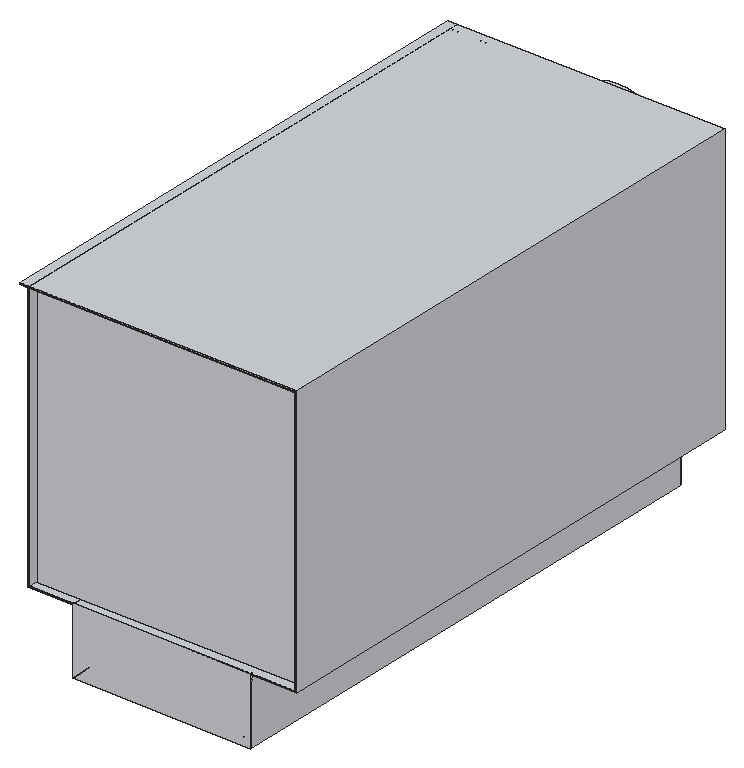
Revit family "Plenum (P-N, P-L) (Arrangement H) (Oval Inlet)", category Mechanical Equipment, Revit 2015
Parameters
  Width = 0' - 8"
  URL = "https://unitedenertech.com/catalog/pdf/I_2%20Model%20P-N,%20P-L,%20P-EX,%20P-N-SL,%20P-L-SL,%20P-EX-SL.pdf"
  Type Comments = "Consult Factory for Max. Sizes"
  P-L (Insulation Option) = yes
  Model = "P-N / P-L (Arrangement H) (Oval Inlet)"
  Manufacturer = "United Enertech Corporation"
  Major Axis = 0' - 8"
  Length = 2' - 0"
  Keynote = "Model Shown without Damper Option. Consult Factory for Models with Dampers."
  Minor Axis = 0' - 4"
  Hem Option = yes
  Height = 1' - 3"
  Description = "Plenum for Diffusers"
  C-C [instance] = Major Axis - Minor Axis  # 0' - 4"
  B = 0' - 2"
  A = 0' - 3"
Reference planes (in)
  plane 1 "Center (Front/Back)": y = 0
  plane 2: z = 0
  plane 3 "Center (Left/Right)": x = 0
  plane 4: x = 12
  plane 5: x = 0.035
  plane 6: x = 11.965
  plane 7: z = 15
  plane 8: z = 14.965
  plane 9: z = 14.93
  plane 10: z = 14
  plane 11: z = 3
  plane 12: z = 6
  plane 13: z = 10
  plane 14: y = 12
  plane 15: y = -12
  plane 16: y = -11.965
  plane 17: y = 11.965
  plane 18: x = -0.375
  plane 19: y = 11.59
  plane 20: y = 11.55484
  plane 21: y = -11.59
  plane 22: y = -11.55484
  plane 23: z = 2.96484
  plane 24: x = 0.07016
  plane 25: x = 11.92984
  plane 26: y = 11.05484
  plane 27: x = 0.57016
  plane 28: x = 11.42984
  plane 29: y = -11.05484
  plane 30: z = 14.43
  plane 31: x = 6
  plane 32: x = 2
  plane 33: x = 10
  plane 34: z = 2.92969
  plane 35: x = 2.03516
  plane 36: x = 9.96484
  plane 37: z = 5.96484
  plane 38: z = 14.03516
  plane 39: z = 12
  plane 40: z = 8
  plane 41: x = 4
  plane 42: x = 8
  plane 43: x = 3.96484
  plane 44: x = 8.03516
  plane 45: y = 13.5
Forms (in)
  Extrusion 1, solid
    sketch origin (0, 0, 0) x (1, 0, 0) y (0, 0, 1)
      loop
        line (-0.375, 15) -> (-0.375, 14.965) -> (11.965, 14.965) -> (11.965, 2.96484) -> (9.96484, 2.96484) -> (9.96484, 0) -> (10, 0) -> (10, 2.92969) -> (12, 2.92969) -> (12, 15) -> (-0.375, 15)
    from -11.965 to 11.965
  Extrusion 2, solid
    sketch origin (0, 0, 0) x (1, 0, 0) y (0, 0, 1)
      loop
        line (-0.375, 14.965) -> (-0.375, 14.93) -> (0, 14.93) -> (0, 2.92969) -> (2, 2.92969) -> (2, 0) -> (2.03516, 0) -> (2.03516, 2.96484) -> (0.035, 2.96484) -> (0.035, 14.965) -> (-0.375, 14.965)
    from -11.965 to 11.965
  Extrusion 3, solid
    sketch origin (0, 0, 0) x (0, 1, 0) y (0, 0, 1)
      loop
        line (11.965, 14.965) -> (11.55484, 14.965) -> (11.55484, 2.96484) -> (12, 2.96484) -> (12, 3) -> (11.59, 3) -> (11.59, 14.93) -> (11.965, 14.93) -> (11.965, 14.965)
    from 0.035 to 11.965
  Extrusion 4, solid
    sketch origin (0, 0, 0) x (0, 1, 0) y (0, 0, 1)
      loop
        line (-11.965, 14.965) -> (-11.965, 14.93) -> (-11.59, 14.93) -> (-11.59, 3) -> (-12, 3) -> (-12, 2.96484) -> (-11.55484, 2.96484) -> (-11.55484, 14.965) -> (-11.965, 14.965)
    from 0.035 to 11.965
  Extrusion 5, solid
    sketch origin (0, 0, 0) x (1, 0, 0) y (0, 0, 1)
      loop
        line (0.035, 3) -> (0.07016, 3) -> (0.07016, 14.93) -> (0.035, 14.93) -> (0.035, 3)
    from 11.59 to 11.965
  Extrusion 6, solid
    sketch origin (0, 0, 0) x (1, 0, 0) y (0, 0, 1)
      loop
        line (0.035, 3) -> (0.07016, 3) -> (0.07016, 14.93) -> (0.035, 14.93) -> (0.035, 3)
    from -11.965 to -11.59
  Extrusion 7, solid
    sketch origin (0, 0, 0) x (1, 0, 0) y (0, 0, 1)
      loop
        line (11.92984, 3) -> (11.965, 3) -> (11.965, 14.93) -> (11.92984, 14.93) -> (11.92984, 3)
    from 11.59 to 11.965
  Extrusion 8, solid
    sketch origin (0, 0, 0) x (1, 0, 0) y (0, 0, 1)
      loop
        line (11.92984, 3) -> (11.965, 3) -> (11.965, 14.93) -> (11.92984, 14.93) -> (11.92984, 3)
    from -11.965 to -11.59
  Extrusion 9, solid, material "Rigid insulation", visible <- "P-L (Insulation Option)"
    sketch origin (0, 0, 0) x (1, 0, 0) y (0, 0, 1)
      loop
        line (0.07016, 14.43) -> (11.92984, 14.43) -> (11.92984, 14.93) -> (0.07016, 14.93) -> (0.07016, 14.43)
    from -11.55484 to 11.55484
  Extrusion 10, solid, material "Rigid insulation", visible <- "P-L (Insulation Option)"
    sketch origin (0, 0, 0) x (1, 0, 0) y (0, 1, 0)
      loop
        line (0.57016, -11.05484) -> (11.42984, -11.05484) -> (11.42984, 11.05484) -> (0.57016, 11.05484) -> (0.57016, -11.05484)
      loop
        line (0.07016, -11.55484) -> (11.92984, -11.55484) -> (11.92984, 11.55484) -> (0.07016, 11.55484) -> (0.07016, -11.55484)
    from 3 to 14.43
  Extrusion 11, solid, visible <- "Hem Option"
    sketch origin (0, 0, 0) x (1, 0, 0) y (0, 0, 1)
      loop
        line (2.03516, 0) -> (2.74226, 0.70711) -> (2.7174, 0.73197) -> (2.03516, 0.04972) -> (2.03516, 0)
    from -11.965 to 11.965
  Extrusion 12, solid, visible <- "Hem Option"
    sketch origin (0, 0, 0) x (1, 0, 0) y (0, 0, 1)
      loop
        line (9.96484, 0) -> (9.96484, 0.04972) -> (9.2826, 0.73197) -> (9.25774, 0.70711) -> (9.96484, 0)
    from -11.965 to 11.965
  Extrusion 13, solid
    sketch origin (0, 0, 0) x (0, 1, 0) y (0, 0, 1)
      loop
        line (12, 3) -> (11.965, 3) -> (11.965, 0) -> (12, 0) -> (12, 3)
    from 2 to 10
  Extrusion 14, solid
    sketch origin (0, 0, 0) x (0, 1, 0) y (0, 0, 1)
      loop
        line (-11.965, 3) -> (-12, 3) -> (-12, 0) -> (-11.965, 0) -> (-11.965, 3)
    from 2 to 10
  Extrusion 15, void
    sketch origin (0, 0, 0) x (1, 0, 0) y (0, 0, 1)
      loop
        arc (4, 8) -> (6, 6) -> (8, 8) r 2
        line (8, 8) -> (8, 12)
        arc (8, 12) -> (6, 14) -> (4, 12) r 2
        line (4, 12) -> (4, 8)
    from -11.05484 to -13.5
  Extrusion 16, solid
    sketch origin (0, 0, 0) x (1, 0, 0) y (0, 0, 1)
      loop
        line (8, 8) -> (8, 12)
        arc (8, 12) -> (6, 14) -> (4, 12) r 2
        line (4, 12) -> (4, 8)
        arc (4, 8) -> (6, 6) -> (8, 8) r 2
      loop
        arc (8.03516, 12) -> (6, 14.03516) -> (3.96484, 12) r 2.03516
        line (3.96484, 12) -> (3.96484, 8)
        arc (3.96484, 8) -> (6, 5.96484) -> (8.03516, 8) r 2.03516
        line (8.03516, 8) -> (8.03516, 12)
    from -13.5 to -11.59
Cuts and joins
  Extrusion 15 cuts Extrusion 3
  Extrusion 15 cuts Extrusion 10
Dimensions and locks (in)
  locked: plane 3 "Center (Left/Right)" to plane 5 at 0.035
  locked: plane 6 to plane 4 at 0.035
  locked: plane 7 to plane 8 at 0.035
  locked: plane 8 to plane 9 at 0.035
  locked: plane 7 to plane 10 at 1
  "Height": plane 7 to level
  "A": plane 11 to level
  equal spacing: plane 10, plane 13, plane 12
  "Major Axis": plane 10 to plane 12
  equal spacing: plane 14, plane 1 "Center (Front/Back)", plane 15
  "Length": plane 14 to plane 15
  locked: plane 16 to plane 15 at 0.035
  locked: plane 17 to plane 14 at 0.035
  locked: plane 3 "Center (Left/Right)" to plane 18 at 0.375
  locked: plane 17 to plane 19 at 0.375
  locked: plane 19 to plane 20 at 0.03516
  locked: plane 21 to plane 16 at 0.375
  locked: plane 22 to plane 21 at 0.03516
  locked: plane 11 to plane 23 at 0.03516
  locked: plane 24 to plane 5 at 0.03516
  locked: plane 25 to plane 6 at 0.03516
  locked: plane 20 to plane 26 at 0.5
  locked: plane 24 to plane 27 at 0.5
  locked: plane 28 to plane 25 at 0.5
  locked: plane 29 to plane 22 at 0.5
  locked: plane 9 to plane 30 at 0.5
  locked: Extrusion 11 sketch curve to Extrusion 11 sketch curve at 1
  locked: Extrusion 12 sketch curve to Extrusion 12 sketch curve at 1
  equal spacing: plane 4, plane 31, plane 3 "Center (Left/Right)"
  equal spacing: plane 33, plane 31, plane 32
  "Width": plane 33 to plane 32
  "B": plane 32 to plane 3 "Center (Left/Right)"
  locked: plane 23 to plane 34 at 0.03516
  locked: plane 35 to plane 32 at 0.03516
  locked: plane 33 to plane 36 at 0.03516
  locked: plane 38 to plane 10 at 0.03516
  locked: plane 12 to plane 37 at 0.03516
  equal spacing: plane 39, plane 13, plane 40
  "C-C": plane 39 to plane 40
  equal spacing: plane 41, plane 31, plane 42
  "Minor Axis": plane 41 to plane 42
  locked: plane 41 to plane 43 at 0.03516
  locked: plane 44 to plane 42 at 0.03516
  locked: plane 45 to plane 14 at 1.5
  locked: level to Extrusion 11 sketch curve (angle 45.00°)
  locked: Extrusion 12 sketch curve to level (angle 45.00°)
  aligned and locked: level to plane 2
  aligned and locked: plane 18 to Extrusion 1 sketch curve
  aligned and locked: Extrusion 1 sketch curve to plane 7
  aligned and locked: plane 4 to Extrusion 1 sketch curve
  aligned and locked: Extrusion 1 sketch curve to plane 6
  aligned and locked: plane 8 to Extrusion 1 sketch curve
  aligned and locked: Extrusion 1 to plane 17
  aligned and locked: Extrusion 1 to plane 16
  aligned and locked: Extrusion 2 sketch curve to plane 8
  aligned and locked: plane 18 to Extrusion 2 sketch curve
  aligned and locked: plane 9 to Extrusion 2 sketch curve
  aligned and locked: Extrusion 2 sketch curve to plane 5
  aligned and locked: plane 3 "Center (Left/Right)" to Extrusion 2 sketch curve
  aligned and locked: Extrusion 2 to plane 16
  aligned and locked: Extrusion 2 to plane 17
  aligned and locked: Extrusion 3 sketch curve to plane 8
  aligned and locked: plane 17 to Extrusion 3 sketch curve
  aligned and locked: plane 9 to Extrusion 3 sketch curve
  aligned and locked: Extrusion 3 sketch curve to plane 14
  aligned and locked: plane 23 to Extrusion 3 sketch curve
  aligned and locked: Extrusion 3 sketch curve to plane 11
  aligned and locked: plane 19 to Extrusion 3 sketch curve
  aligned and locked: Extrusion 3 sketch curve to plane 20
  aligned and locked: Extrusion 3 to plane 5
  aligned and locked: Extrusion 3 to plane 6
  aligned and locked: plane 8 to Extrusion 4 sketch curve
  aligned and locked: Extrusion 4 sketch curve to plane 16
  aligned and locked: Extrusion 4 sketch curve to plane 9
  aligned and locked: Extrusion 4 sketch curve to plane 15
  aligned and locked: Extrusion 4 sketch curve to plane 23
  aligned and locked: plane 11 to Extrusion 4 sketch curve
  aligned and locked: Extrusion 4 sketch curve to plane 21
  aligned and locked: Extrusion 4 sketch curve to plane 22
  aligned and locked: Extrusion 4 to plane 5
  aligned and locked: Extrusion 4 to plane 6
  aligned and locked: plane 9 to Extrusion 5 sketch curve
  aligned and locked: Extrusion 5 sketch curve to plane 5
  aligned and locked: plane 24 to Extrusion 5 sketch curve
  aligned and locked: Extrusion 5 sketch curve to plane 11
  aligned and locked: Extrusion 6 to plane 17
  aligned and locked: plane 19 to Extrusion 6
  aligned and locked: Extrusion 5 to plane 21
  aligned and locked: Extrusion 5 to plane 16
  aligned and locked: Extrusion 7 sketch curve to plane 11
  aligned and locked: Extrusion 7 sketch curve to plane 6
  aligned and locked: Extrusion 7 sketch curve to plane 25
  aligned and locked: plane 9 to Extrusion 7 sketch curve
  aligned and locked: Extrusion 8 to plane 17
  aligned and locked: plane 19 to Extrusion 8
  aligned and locked: Extrusion 7 to plane 16
  aligned and locked: Extrusion 7 to plane 21
  aligned and locked: plane 9 to Extrusion 9 sketch curve
  aligned and locked: plane 25 to Extrusion 9 sketch curve
  aligned and locked: Extrusion 9 sketch curve to plane 24
  aligned and locked: Extrusion 9 sketch curve to plane 30
  aligned and locked: Extrusion 9 to plane 22
  aligned and locked: Extrusion 9 to plane 20
  aligned and locked: Extrusion 10 sketch curve to plane 24
  aligned and locked: Extrusion 10 sketch curve to plane 20
  aligned and locked: plane 25 to Extrusion 10 sketch curve
  aligned and locked: Extrusion 10 sketch curve to plane 22
  aligned and locked: Extrusion 10 sketch curve to plane 29
  aligned and locked: Extrusion 10 sketch curve to plane 27
  aligned and locked: plane 28 to Extrusion 10 sketch curve
  aligned and locked: plane 26 to Extrusion 10 sketch curve
  aligned and locked: Extrusion 10 to plane 11
  aligned and locked: plane 30 to Extrusion 10
  aligned and locked: level to Extrusion 11 sketch curve
  aligned and locked: Extrusion 11 to plane 16
  aligned and locked: Extrusion 11 to plane 17
  aligned and locked: level to Extrusion 12 sketch curve
  aligned and locked: Extrusion 12 to plane 17
  aligned and locked: Extrusion 12 to plane 16
  aligned and locked: plane 23 to Extrusion 2 sketch curve
  aligned and locked: Extrusion 2 sketch curve to plane 34
  aligned and locked: Extrusion 2 sketch curve to plane 32
  aligned and locked: Extrusion 2 sketch curve to level
  aligned and locked: Extrusion 2 sketch curve to plane 35
  aligned and locked: Extrusion 11 sketch curve to plane 35
  aligned and locked: plane 36 to Extrusion 12 sketch curve
  aligned and locked: plane 34 to Extrusion 1 sketch curve
  aligned and locked: Extrusion 1 sketch curve to plane 23
  aligned and locked: level to Extrusion 1 sketch curve
  aligned and locked: plane 36 to Extrusion 1 sketch curve
  aligned and locked: Extrusion 1 sketch curve to plane 33
  aligned and locked: Extrusion 13 sketch curve to level
  aligned and locked: plane 17 to Extrusion 13 sketch curve
  aligned and locked: Extrusion 13 sketch curve to plane 11
  aligned and locked: plane 14 to Extrusion 13 sketch curve
  aligned and locked: Extrusion 13 to plane 32
  aligned and locked: plane 33 to Extrusion 13
  aligned and locked: plane 11 to Extrusion 14 sketch curve
  aligned and locked: plane 16 to Extrusion 14 sketch curve
  aligned and locked: Extrusion 14 sketch curve to level
  aligned and locked: Extrusion 14 sketch curve to plane 15
  aligned and locked: Extrusion 14 to plane 32
  aligned and locked: plane 33 to Extrusion 14
  aligned and locked: plane 40 to Extrusion 15 sketch curve  (x2)
  aligned and locked: plane 39 to Extrusion 15 sketch curve  (x2)
  aligned and locked: Extrusion 15 sketch curve to plane 41
  aligned and locked: Extrusion 15 sketch curve to plane 42
  aligned and locked: plane 26 to Extrusion 15
  aligned and locked: Extrusion 15 to plane 45
  aligned and locked: plane 39 to Extrusion 16 sketch curve  (x4)
  aligned and locked: plane 40 to Extrusion 16 sketch curve  (x4)
  aligned and locked: plane 41 to Extrusion 16 sketch curve
  aligned and locked: plane 43 to Extrusion 16 sketch curve
  aligned and locked: plane 42 to Extrusion 16 sketch curve
  aligned and locked: Extrusion 16 sketch curve to plane 44
  aligned and locked: Extrusion 16 to plane 45
  aligned and locked: plane 19 to Extrusion 16
Automatic sketch dimensions
  Extrusion 6 sketch curve to plane 5 = 0' - 0"
  Extrusion 6 sketch curve to plane 9 = 0' - 0"
  Extrusion 6 sketch curve to plane 24 = 0' - 0"
  Extrusion 6 sketch curve to plane 11 = 0' - 0"
  Extrusion 8 sketch curve to plane 9 = 0' - 0"
  Extrusion 8 sketch curve to plane 25 = 0' - 0"
  plane 6 to Extrusion 8 sketch curve = 0' - 0"
  Extrusion 8 sketch curve to plane 11 = 0' - 0"
  Extrusion 11 sketch curve to Extrusion 11 sketch curve = 0' - 0.02486"
  Extrusion 12 sketch curve to Extrusion 12 sketch curve = 0' - 0.02486"
